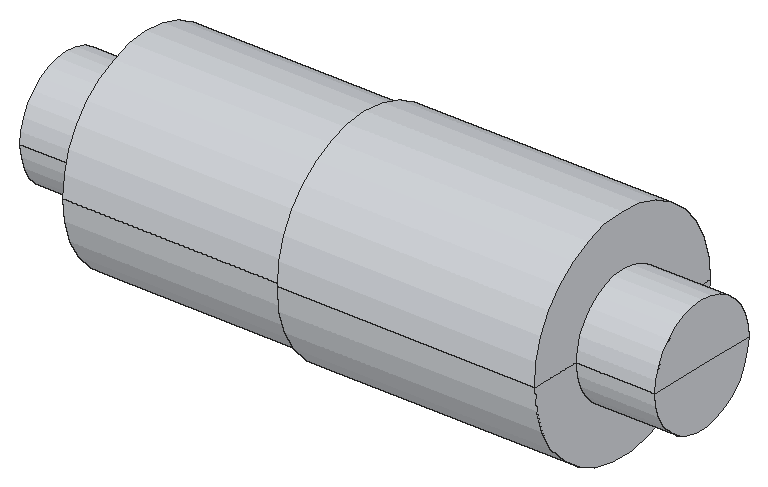
Revit family "Junta de expansão - Soldada - CU", category Conexões de tubo, Revit 2019
Family settings
  Cota do conector redondo = Usar raio
  Tipo de parte = União
  Com base no plano de trabalho = Não
  Sempre na vertical = Sim
  Corte com vazios quando carregada = Não
  Compartilhado = Não
Parameters (values of type "Padrão")
  Espessura da parede [instance] = 0.7 mm
  Tamanho da marca de revisão [instance] = Diâmetro externo final * 0.4  # 11.76 mm
  Raio externo do soquete [instance] = Diâmetro externo final / 2  # 14.7 mm
  Nome da tabela de pesquisa = "BR_Expansion Joint - Soldered - CU"
  Comprimento 1 [instance] = size_lookup(Nome da tabela de pesquisa, "Lgt1", 0.53 * Diâmetro nominal + 8.4 mm, Diâmetro nominal)  # 26.3 mm
  Diâmetro externo final [instance] = Diâmetro nominal + 2 * Espessura da parede  # 29.4 mm
  Raio nominal [instance] = 14 mm
  Diâmetro nominal [instance] = Raio nominal * 2  # 28 mm
  Método de perda = Coeficiente K da tabela
  Comprimento 2 [instance] = if(Diâmetro nominal < 54 mm, 20 mm, 25 mm)  # 20 mm
  Comprimento 3 [instance] = Comprimento * 0.47  # 75.2 mm
  Comprimento [instance] = size_lookup(Nome da tabela de pesquisa, "Lgt", if(Diâmetro nominal < 54 mm, 160 mm, 200 mm), Diâmetro nominal)  # 160 mm
  Tabela de coeficiente K = "Redutor/Acoplamento/União/Redutor"
Reference planes
  plane 1 "Centro (frente/trás)": y = 0
  plane 2: z = 0
  plane 3 "Centro (direita/esquerda)": x = 0
  plane 4: x = -80
  plane 5: x = 80
  plane 6: y = 14.7
  plane 7: y = -14.7
  plane 8: y = 11.76
  plane 9: y = -11.76
  plane 10: x = -4.8
  plane 11: x = -60
  plane 12: x = 60
  plane 13: y = 26.3
  plane 14: y = 27.7
Forms (mm)
  Revolve 1, solid, detail levels fine
    sketch origin (0, 0, 0) x (1, 0, 0) y (0, 1, 0)
      loop
        line (-80, 0) -> (80, 0) -> (80, 14.7) -> (60, 14.7) -> (60, 27.7) -> (-4.8, 27.7) -> (-4.8, 26.3) -> (-60, 26.3) -> (-60, 14.7) -> (-80, 14.7) -> (-80, 0)
      axis (-80, 0) -> (80, 0)
    angle from 0 to 360
Lines and regions (mm)
  model lines, detail levels coarse+medium
    curve 1: line (-80, 0, 0) -> (80, 0, 0)
    curve 2: line (-80, 11.76, 0) -> (-80, -11.76, 0)
    curve 3: line (80, 11.76, 0) -> (80, -11.76, 0)
Dimensions and locks
  equal spacing: plane 4, plane 3 "Centro (direita/esquerda)", plane 5
  "Comprimento": plane 4 to plane 5
  equal spacing: plane 6, plane 1 "Centro (frente/trás)", plane 7
  "Diâmetro externo final": plane 6 to plane 7
  "Tamanho da marca de revisão": plane 8 to plane 1 "Centro (frente/trás)"
  equal spacing: plane 8, plane 1 "Centro (frente/trás)", plane 9
  "Comprimento 3": plane 4 to plane 10
  "Comprimento 2": plane 4 to plane 11
  "Comprimento 2": plane 12 to plane 5
  locked: plane 14 to plane 13 at 1.4
  "Comprimento 1": plane 13 to plane 1 "Centro (frente/trás)"
  aligned and locked: plane 4 to curve 1
  aligned and locked: plane 5 to curve 1
  aligned and locked: plane 1 "Centro (frente/trás)" to curve 1
  aligned and locked: plane 8 to curve 2
  aligned and locked: curve 2 to plane 9
  aligned and locked: curve 2 to plane 4
  aligned and locked: curve 3 to plane 8
  aligned and locked: plane 9 to curve 3
  aligned and locked: curve 3 to plane 5
  aligned and locked: plane 1 "Centro (frente/trás)" to Revolve 1 sketch curve
  aligned and locked: Revolve 1 sketch curve to Revolve 1 sketch curve
  aligned and locked: Revolve 1 sketch curve to plane 5
  aligned and locked: Revolve 1 sketch curve to plane 12
  aligned and locked: Revolve 1 sketch curve to plane 14
  aligned and locked: plane 6 to Revolve 1 sketch curve
  aligned and locked: plane 10 to Revolve 1 sketch curve
  aligned and locked: Revolve 1 sketch curve to plane 13
  aligned and locked: plane 11 to Revolve 1 sketch curve
  aligned and locked: Revolve 1 sketch curve to plane 6
  aligned and locked: plane 4 to Revolve 1 sketch curve
Automatic sketch dimensions
  Revolve 1 sketch curve to plane 4 = 20 mm
  Revolve 1 sketch curve to Revolve 1 sketch curve = 5 mm
Connectors
  piping at (-80, 0, 0), diameter 28, driven by "Raio nominal"
    settings: on Revolve 1, index 1, connector inside diameter 28 mm, connector length 0 mm, flow factor 0, pipe flow 0.0 L/s, pressure drop 0.0 Pa, fitting loss kfactor 0, connector angle 0.00°, fixture units 0, engagement length 0 mm, angle of deflection 0.00°, flow configuration 0, flow direction 0, fitting loss method 0, system type 28, joint type 0, gender type 0, connector reference index 2, connector utility 0, adjustable connector no, is connector primary yes, connector description ""
  piping at (80, 0, 0), diameter 28, driven by "Raio nominal"
    settings: on Revolve 1, index 2, connector inside diameter 28 mm, connector length 0 mm, flow factor 0, pipe flow 0.0 L/s, pressure drop 0.0 Pa, fitting loss kfactor 0, connector angle 0.00°, fixture units 0, engagement length 0 mm, angle of deflection 0.00°, flow configuration 0, flow direction 0, fitting loss method 0, system type 28, joint type 0, gender type 0, connector reference index 1, connector utility 0, adjustable connector no, is connector primary no, connector description ""
